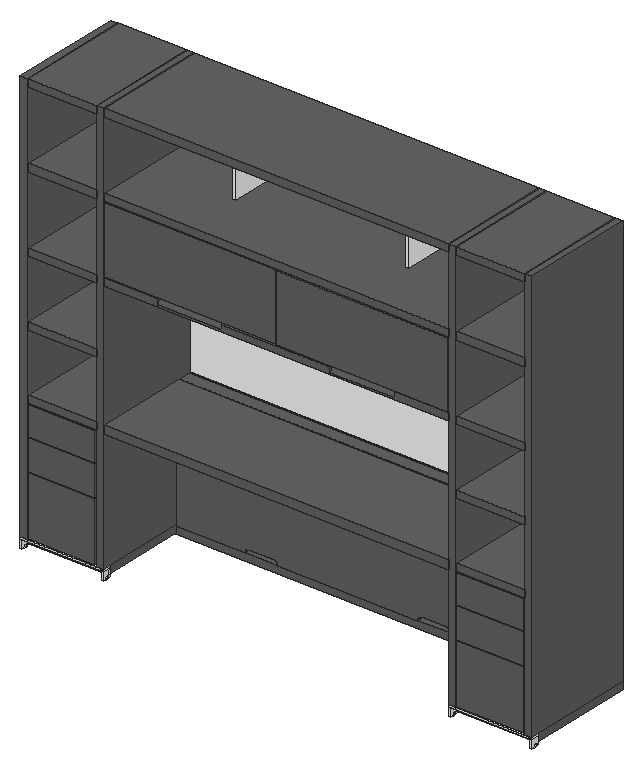
Revit family "Storage-Wall-Teknion-ZXDO_90_High_Without_Lights-R2011", category Furniture Systems, Revit 2013
Parameters (values of type "(See Type Catalog)")
  Working Wall Finish [instance] = Glass - Teknion - K6 - White Backpainted
  Width = 108 105/128"
  Warranty = "http://www.teknionstudio.com/pdfs/Teknion%20Studio%20Warranty.pdf"
  Wall Unit Finish [instance] = Veneer - Teknion - P7 - Grey Oak
  Unit Weight = 820.00 lbf
  URL = "www.teknionstudio.com"
  Right Storage Tower = Storage-Unit-Teknion-Tower : Upper Shelves & Box/Box/File Pedestal
  Series = "B&B Italia"
  Product Page URL = "http://www.teknionstudio.com/acexecutive/"
  Product Line = "AC Executive"
  Product Documentation Link = "http://www.teknionstudio.com/pricing/ac_executive_storage_walls_ppg.pdf"
  Part Number = "ZXDO"
  Model = ""
  Manufacturer Phone = "919-464-2920"
  Manufacturer Fax = "919-464-2927"
  Manufacturer Email = "customersupport@teknionstudio.com"
  Manufacturer Address = "3940 US 70 Business HWY West, Clayton, NC 27520"
  Manufacturer = "Teknion Studio"  # constant formula
  Low Emitting Material = yes
  Low Emitting Finish = yes
  Left Storage Tower = Storage-Unit-Teknion-Tower : Upper Shelves & Box/Box/File Pedestal
  Height = 89 123/128"
  Description = ""
  Depth = 24"
  Assembly Code = "E2020200"
Reference planes (in)
  plane 1 "Center F/B": y = 0
  plane 2: z = 0
  plane 3 "Center L/R": x = -8.08916
  plane 4 "Right": x = 46.321
  plane 5 "Back": y = 12
  plane 6 "Front": y = -12
  plane 7 "Doors Top": z = 73.80469
  plane 8: x = 28.60446
  plane 9: z = 29.68402
  plane 10: z = 56.1289
  plane 11: x = -44.78278
  plane 12: z = 2.1289
  plane 13 "Foot Centerline": y = -11.2126
  plane 14 "Foot Centerline Front": y = -10.22835
  plane 15 "Foot Centerline Back": y = 10.22835
  plane 16: y = -8.484
  plane 17 "Top": z = 89.96094
  plane 18 "Left": x = -62.49931
Forms (in)
  Sweep 1, solid, material "Veneer - Teknion - P7 - Grey Oak" <- "Wall Unit Finish"
    path origin (0, 0, 0) x (1, 0, 0) y (0, 0, 1)
      loop
        line (-44.78278, 29.68402) -> (28.60446, 29.68402)
    profile origin (-8.08916, 0, 29.68402) x (0, 0, 1) y (0, -1, 0)
      loop
        line (0, 12) -> (-1.7638, 12) -> (-1.7638, -7.11393) -> (-5.30827, -7.11393) -> (-5.30827, -7.08268) -> (-27.55512, -7.08268) -> (-27.55512, -7.11393) -> (-29.0945, -7.11393) -> (-29.0945, -12) -> (-27.55512, -12) -> (-27.55512, -7.80668) -> (-5.30828, -7.80668) -> (-5.30828, -12) -> (44.12067, -12) -> (44.12067, 12) -> (42.58097, 12) -> (42.58097, 11.2126) -> (27.98392, 11.2126) -> (27.98392, 12) -> (26.44488, 12) -> (26.44488, -10.94094) -> (0, -10.94094) -> (0, -10.90969) -> (-0.72441, -10.90969) -> (-0.72441, -10.56693) -> (0, -10.56693) -> (0, -8.05709) -> (-0.72441, -8.05709) -> (-0.72441, -7.80709) -> (0, -7.80709) -> (0, 12)
      loop
        line (60.27692, 12) -> (58.73755, 12) -> (58.73755, -12) -> (60.27692, -12) -> (60.27692, 12)
  Sweep 2, solid, material "Veneer - Teknion - P7 - Grey Oak" <- "Wall Unit Finish"
    path origin (0, 0, 15.40683) x (-1, 0, 0) y (0, -1, 0)
      loop
        line (8.08916, 12) -> (8.08916, 11.276)
    profile origin (-8.08916, -11.638, 15.40683) x (-1, 0, 0) y (0, 0, 1)
      loop
        line (36.44291, 42.50186) -> (36.44291, 56.60815) -> (0.125, 56.60815) -> (0.125, 42.50186) -> (36.44291, 42.50186)
      loop
        line (-0.125, 56.60815) -> (-36.44305, 56.60815) -> (-36.44305, 42.50186) -> (-0.125, 42.50186) -> (-0.125, 56.60815)
  Sweep 3, void
    path origin (0, 0, 0) x (1, 0, 0) y (0, 0, 1)
      loop
        line (-33.3248, 56.1289) -> (-19.54528, 56.1289)
    profile origin (-26.43504, 0, 56.1289) x (0, 0, 1) y (0, -1, 0)
      loop
        line (1.53937, 12) -> (0.43699, 12) -> (1.53937, 11.52755) -> (1.53937, 12)
  Sweep 4, void
    path origin (0, 0, 0) x (1, 0, 0) y (0, 0, 1)
      loop
        line (3.36882, 56.1289) -> (17.14835, 56.1289)
    profile origin (10.25858, 0, 56.1289) x (0, 0, 1) y (0, -1, 0)
      loop
        line (1.53937, 11.52755) -> (1.53937, 12) -> (0.43699, 12) -> (1.53937, 11.52755)
  Sweep 5, void
    path origin (0, 0, 15.40683) x (-1, 0, 0) y (0, -1, 0)
      loop
        line (8.08916, -7.80668) -> (8.08916, -7.08268)
    profile origin (-8.08916, 7.44468, 15.40683) x (1, 0, 0) y (0, 0, 1)
      loop
        line (21.77165, 8.96892) -> (14.88189, 8.96892) -> (14.88189, 8.10396)
        arc (14.88189, 8.10396) -> (15.11251, 7.54718) -> (15.66929, 7.31655) r 0.7874
        line (15.66929, 7.31655) -> (20.98425, 7.31655)
        arc (20.98425, 7.31655) -> (21.54103, 7.54718) -> (21.77165, 8.10396) r 0.7874
        line (21.77165, 8.10396) -> (21.77165, 8.96892)
      loop
        line (14.88189, -13.27793) -> (21.77165, -13.27793) -> (21.77165, -13.12045)
        arc (21.77165, -13.12045) -> (21.55256, -12.59152) -> (21.02362, -12.37242) r 0.74803
        line (21.02362, -12.37242) -> (15.62992, -12.37242)
        arc (15.62992, -12.37242) -> (15.10098, -12.59152) -> (14.88189, -13.12045) r 0.74803
        line (14.88189, -13.12045) -> (14.88189, -13.27793)
      loop
        line (-21.77165, 8.96892) -> (-21.77165, 8.10396)
        arc (-21.77165, 8.10396) -> (-21.54103, 7.54718) -> (-20.98425, 7.31655) r 0.7874
        line (-20.98425, 7.31655) -> (-15.66929, 7.31655)
        arc (-15.66929, 7.31655) -> (-15.11251, 7.54718) -> (-14.88189, 8.10396) r 0.7874
        line (-14.88189, 8.10396) -> (-14.88189, 8.96892) -> (-21.77165, 8.96892)
      loop
        line (-14.88189, -13.27793) -> (-14.88189, -13.12045)
        arc (-14.88189, -13.12045) -> (-15.10098, -12.59152) -> (-15.62992, -12.37242) r 0.74803
        line (-15.62992, -12.37242) -> (-21.02362, -12.37242)
        arc (-21.02362, -12.37242) -> (-21.55256, -12.59152) -> (-21.77165, -13.12045) r 0.74803
        line (-21.77165, -13.12045) -> (-21.77165, -13.27793) -> (-14.88189, -13.27793)
  Sweep 6, solid, material "Acrylic - Teknion - Clear"
    path origin (1.66728, 0, 16.32084) x (-1, 0, 0) y (0, -1, 0)
      loop
        line (9.75643, -11.25197) -> (9.75643, 0.16535)
    profile origin (-8.08916, 5.54331, 16.32084) x (1, 0, 0) y (0, 0, 1)
      loop
        line (-18.65699, 72.09054) -> (-18.65699, 57.48385) -> (-18.0625, 57.48385) -> (-18.0625, 72.09054) -> (-18.65699, 72.09054)
      loop
        line (18.0625, 72.09054) -> (18.0625, 57.48385) -> (18.65699, 57.48385) -> (18.65699, 72.09054) -> (18.0625, 72.09054)
Cuts and joins
  Sweep 3, Sweep 4, Sweep 5 cuts Sweep 1
Lines and regions (in)
  Masking region 1
    outline origin (0, 0, 15.40683) x (-1, 0, 0) y (0, -1, 0)
      loop
        line (44.78278, -12) -> (44.78278, 12) -> (-28.60446, 12) -> (-28.60446, -12) -> (44.78278, -12)
  symbolic lines, style "Elevation Swing"
    curve 1: line (-44.78278, -12, 57.66827) -> (-26.43568, -12, 72.01499)
    curve 2: line (-8.08823, -12, 57.66794) -> (-26.43568, -12, 72.01499)
    curve 3: line (-8.08823, 0, 57.66794) -> (10.19487, 0, 72.01499)
    curve 4: line (10.19487, 0, 72.01499) -> (28.60446, 0, 57.66827)
  symbolic lines, style "FurnitureSystemsHiddenLines", detail levels fine
    curve 5: line (28.60446, -11.276, 15.40683) -> (-44.78278, -11.276, 15.40683)
Dimensions and locks (in)
  "Width": plane 18 "Left" to plane 4 "Right"
  equal spacing: plane 5 "Back", plane 1 "Center F/B", plane 6 "Front"
  "Depth": plane 5 "Back" to plane 6 "Front"
  locked: plane 8 to plane 4 "Right" at 17.71654
  locked: plane 9 to plane 2 at 29.68402
  locked: plane 10 to plane 9 at 26.44488
  locked: plane 12 to plane 2 at 2.1289
  locked: plane 6 "Front" to plane 13 "Foot Centerline" at 0.7874
  locked: plane 12 to Sweep 1 sketch curve at 1.53939
  locked: plane 9 to Sweep 1 sketch curve at 1.7638
  locked: plane 6 "Front" to Sweep 2 sketch curve at 0.724
  plane 7 "Doors Top" to Sweep 2 sketch curve to Sweep 2 sketch curve = 1.7897" locked, 14.1063" locked  (x2)
  Sweep 2 sketch curve to Sweep 2 sketch curve to plane 3 "Center L/R" to Sweep 2 sketch curve to Sweep 2 sketch curve = 36.31805" locked, 1/8" locked, 1/8" locked, 36.31791" locked
  locked: Sweep 3 sketch curve to Sweep 3 sketch curve at 13.77953
  locked: Sweep 3 sketch curve to plane 10 at 1.53937
  locked: Sweep 3 sketch curve to plane 10 at 0.43699
  locked: plane 6 "Front" to Sweep 3 sketch curve at 0.47245
  Sweep 4 sketch curve to Sweep 4 sketch curve to plane 10 = 1.10238" locked, 0.43699" locked
  locked: plane 6 "Front" to Sweep 4 sketch curve at 0.47245
  locked: Sweep 5 sketch curve to plane 12 at 0.90551  (x2)
  Sweep 5 sketch curve to Sweep 5 sketch curve to plane 3 "Center L/R" = 6.88976" locked, 14.88189" locked  (x2)
  plane 9 to Sweep 5 sketch curve to Sweep 5 sketch curve = 5.30827" locked, 1 167/256" locked  (x2)
  plane 5 "Back" to Sweep 5 sketch curve to Sweep 5 sketch curve = 4.19332" locked, 0.724" locked
  locked: plane 6 "Front" to curve 5 at 0.724
  locked: plane 5 "Back" to plane 15 "Foot Centerline Back" at 1.77165
  locked: plane 6 "Front" to plane 14 "Foot Centerline Front" at 1.77165
  locked: plane 6 "Front" to plane 16 at 3.516
  locked: Sweep 5 sketch curve to Sweep 5 sketch curve at 6.88976  (x2)
  locked: Sweep 5 sketch curve to plane 3 "Center L/R" at 14.88189
  locked: plane 3 "Center L/R" to Sweep 5 sketch curve at 14.88189
  locked: plane 17 "Top" to plane 7 "Doors Top" at 16.15625
  "Height": plane 17 "Top" to plane 2
  locked: Sweep 6 sketch curve to Sweep 6 sketch curve at 11.41732
  locked: Sweep 6 sketch curve to Sweep 6 sketch curve at 0.59449  (x2)
  locked: plane 5 "Back" to Sweep 6 sketch curve at 0.74803
  Sweep 6 sketch curve to plane 3 "Center L/R" to Sweep 6 sketch curve = 18 1/16" locked, 18 1/16" locked
  locked: plane 17 "Top" to Sweep 1 sketch curve at 1.53937
  locked: plane 7 "Doors Top" to Sweep 1 sketch curve at 1.5397
  locked: Sweep 1 sketch curve to plane 10 at 1.53904
  locked: plane 18 "Left" to plane 11 at 17.71654
  equal spacing: plane 11, plane 3 "Center L/R", plane 8
  plane 8 to Sweep 4 sketch curve to Sweep 4 sketch curve = 11.45612" locked, 13.77953" locked
  locked: curve 2 to plane 11 at 18.3471
  locked: plane 8 to curve 4 at 18.4096
  aligned and locked: level to plane 2
  aligned and locked: nested 1 to plane 4 "Right"
  aligned and locked: plane 11 to Sweep 1 sketch curve
  aligned and locked: plane 8 to Sweep 1 sketch curve
  aligned and locked: Sweep 1 sketch curve to plane 9  (x4)
  aligned and locked: Sweep 1 sketch curve to plane 6 "Front"
  aligned and locked: plane 5 "Back" to Sweep 1 sketch curve
  aligned and locked: plane 3 "Center L/R" to Sweep 2 sketch curve
  aligned and locked: plane 6 "Front" to Sweep 2 sketch curve
  aligned and locked: Sweep 1 sketch curve to plane 10
  aligned and locked: Sweep 3 sketch curve to plane 10
  aligned and locked: Sweep 4 sketch curve to plane 10
  aligned and locked: Sweep 4 sketch curve to plane 6 "Front"
  aligned and locked: Sweep 5 sketch curve to plane 3 "Center L/R"
  aligned and locked: Sweep 5 sketch curve to plane 12
  aligned and locked: plane 11 to curve 1
  aligned and locked: Sweep 2 to curve 2
  aligned and locked: plane 8 to curve 4
  aligned and locked: Masking region 1 sketch curve to plane 5 "Back"
  aligned and locked: Masking region 1 sketch curve to plane 6 "Front"
  aligned and locked: Masking region 1 sketch curve to nested 1
  aligned and locked: plane 8 to curve 5
  aligned and locked: plane 6 "Front" to Sweep 3 sketch curve
  aligned and locked: Sweep 1 sketch curve to plane 7 "Doors Top"
  aligned and locked: plane 13 "Foot Centerline" to Sweep 1 sketch curve
  aligned and locked: plane 6 "Front" to Sweep 1 sketch curve  (x3)
  aligned and locked: plane 2 to nested 1
  aligned and locked: plane 1 "Center F/B" to nested 1
  aligned and locked: plane 12 to Sweep 5 sketch curve
  aligned and locked: Sweep 6 sketch curve to plane 3 "Center L/R"
  aligned and locked: plane 7 "Doors Top" to Sweep 6 sketch curve  (x2)
  aligned and locked: Sweep 1 sketch curve to plane 5 "Back"  (x2)
  aligned and locked: plane 17 "Top" to Sweep 1 sketch curve
  aligned and locked: plane 11 to Masking region 1 sketch curve
  aligned and locked: nested 2 to plane 18 "Left"
  aligned and locked: Sweep 1 sketch curve to plane 12
  aligned and locked: nested 2 to plane 17 "Top"
  aligned and locked: nested 2 to plane 5 "Back"
Automatic sketch dimensions
  curve 5 to plane 11 = 0"
  Sweep 5 sketch curve to Sweep 5 sketch curve = 0.74803"  (x4)
  Sweep 5 sketch curve to Sweep 5 sketch curve = 0.7874"  (x4)
  Sweep 6 sketch curve to Sweep 6 sketch curve = 14.60669"  (x2)
  plane 3 "Center L/R" to curve 2 = 0.00093"
  plane 10 to curve 1 = 1.53937"
  plane 10 to curve 2 = 1.53904"
  curve 4 to plane 7 "Doors Top" = 1.7897"
  plane 3 "Center L/R" to curve 3 = 0.00093"
  plane 10 to curve 4 = 1.53937"
  plane 10 to curve 3 = 1.53904"
  Sweep 1 sketch curve to Sweep 1 sketch curve = 1.53939"
  Sweep 1 sketch curve to Sweep 1 sketch curve = 3.54449"
  Sweep 1 sketch curve to Sweep 1 sketch curve = 0"
  profile plane to Sweep 1 sketch curve = 0.72441"  (x2)
  Sweep 1 sketch curve to Sweep 1 sketch curve = 1.05906"
  Sweep 1 sketch curve to Sweep 1 sketch curve = 1/32"  (x2)
  Sweep 1 sketch curve to Sweep 1 sketch curve = 0.34277"
  Sweep 1 sketch curve to Sweep 1 sketch curve = 2.50984"
  Sweep 1 sketch curve to Sweep 1 sketch curve = 1/4"
  Sweep 1 sketch curve to Sweep 1 sketch curve = 4.19332"
  Sweep 1 sketch curve to Sweep 1 sketch curve = 0.69316"
  Sweep 1 sketch curve to Sweep 1 sketch curve = 4.88607"
Nested families (in)
  nested 1: "Storage-Unit-Teknion-Tower" at (37.46273, 0, 0), type <- "Right Storage Tower", Height <- "Height", type "Upper Shelves & Box/Box/File Pedestal"
    with Height 89 123/128", Has Top Shelf yes, Has Right Leg yes, Has Left Leg yes, Bottom Drawer Height 13.047"
  nested 2: "Storage-Unit-Teknion-Tower" at (-53.64104, 0, 0) x (-1, 0, 0) z (0, 0, 1), type <- "Left Storage Tower", Height <- "Height", type "Upper Shelves & Box/Box/File Pedestal"
    with Height 89 123/128", Has Top Shelf yes, Has Right Leg yes, Has Left Leg yes, Bottom Drawer Height 13.047"
Definition of nested family "Storage-Unit-Teknion-Tower"
  Parameters (values of type "Upper Wardrobe & Lower Door")
    Width = 17.71654"
    Warranty = "http://www.teknionstudio.com/pdfs/Teknion%20Studio%20Warranty.pdf"
    Wall Unit Finish = Veneer - Teknion - P8 - Light Brushed Oak
    URL = "www.teknionstudio.com"
    Series = "B&B Italia"  # constant formula
    Product Line = "AC Executive"  # constant formula
    Model = ""
    Middle Drawer Height = if(Has Top Drawer, 6.425", 12.719")  # 12.719"
    Manufacturer Phone = "919-464-2920"
    Manufacturer Fax = "919-464-2927"
    Manufacturer Email = "customersupport@teknionstudio.com"
    Manufacturer Address = "3940 US 70 Business HWY West, Clayton, NC 27520"
    Manufacturer = "Teknion Studio"  # constant formula
    Height [instance] = 73.81394"
    Has Top Shelf [instance] = and(Height > 75", Has Shelves)  # no
    Has Top Drawer = no
    Has Top Door = yes
    Has Shelves = no
    Has Right Leg [instance] = yes
    Has Middle Drawer = no
    Has Lower Shelf = yes
    Has Left Leg [instance] = no
    Has Full Wardrobe Door = no
    Has Doors = yes
    Door Projection Symbol = yes
    Description = "Tower Storage Unit"
    Depth = 24"
    Bottom Drawer Height [instance] = if(Has Middle Drawer, 13.047", if(Has Top Drawer, 13.047", if(Has Full Wardrobe Door, (Height - 3.668"), 26.016")))  # 26.016"
    Assembly Code = "E2010200"
  Types (7): name | Middle Drawer Height | Has Top Drawer | Has Top Door | Has Shelves | Has Middle Drawer | Has Lower Shelf | Has Full Wardrobe Door | Has Doors | Door Projection Symbol | Bottom Drawer Height
    Upper Shelves & Lower Door | 12.719" | no | no | yes | no | yes | no | yes | yes | 26.016"
    Upper Shelves & File/File Pedestal | 12.719" | no | no | yes | yes | yes | no | no | no | 13.047"
    Upper Shelves & Box/Box/File Pedestal | 6.425" | yes | no | yes | yes | yes | yes | no | no | 13.047"
    Full Wardrobe | 12.719" | no | no | no | no | no | yes | yes | yes | 70.14594"
    Upper Wardrobe & Lower Door | 12.719" | no | yes | no | no | yes | no | yes | yes | 26.016"
    Upper Wardrobe & File/File Pedestal | 12.719" | no | yes | no | yes | yes | no | no | yes | 13.047"
    Upper Wardrobe & Box/Box/File Pedestal | 6.425" | yes | yes | no | yes | yes | no | no | yes | 13.047"
  Reference planes (in)
    plane 1 "Center F/B": y = 0
    plane 2: z = 0
    plane 3 "Center L/R": x = 0
    plane 4 "Left": x = -8.85827
    plane 5 "Right": x = 8.85827
    plane 6 "Back": y = 12
    plane 7 "Front": y = -12
    plane 8 "Top": z = 73.81394
    plane 9: x = -7.3189
    plane 10: x = 7.3189
    plane 11: z = 2.1289
    plane 12 "Foot Centerline": y = -11.2126
    plane 13: z = 29.68402
    plane 14 "Drawer 1 Top": z = 28.1449
    plane 15 "Drawer 2 Top": z = 40.8639
    plane 16 "Drawer 3 Top": z = 27.89502
    plane 17: z = 42.13677
  Forms (in)
    Sweep 1, solid, material "Metal - Teknion - C6 - Chrome", visible <- "Has Left Leg"
      path origin (0, -12, 0) x (1, 0, 0) y (0, 0, 1)
        loop
          line (-8.85827, 1.7349) -> (-8.85827, 0.05803)
      profile origin (-8.85827, -12, 0.89646) x (0, -1, 0) y (1, 0, 0)
        loop
          line (-1.5748, 0) -> (0, 0) -> (0, 0.394) -> (-1.5748, 0.394) -> (-1.5748, 0)
    Sweep 2, solid, material "Metal - Teknion - C6 - Chrome"
      path origin (0, -12, 0) x (1, 0, 0) y (0, 0, 1)
        loop
          line (-8.85827, 2.1289) -> (8.46427, 2.1289)
      profile origin (-0.197, -12, 2.1289) x (0, 0, 1) y (0, -1, 0)
        loop
          line (-0.394, -1.5748) -> (-0.394, -1.3778) -> (-1.575, -1.3778) -> (-1.575, -1.5748) -> (-0.394, -1.5748)
    Revolve 3, solid, material "Metal - Teknion - C6 - Chrome"
      sketch origin (0, -11.2126, 0) x (0, 0, -1) y (1, 0, 0)
        loop
          line (-0.4911, 8.32677) -> (-0.45173, 8.2874) -> (-0.28492, 8.2874) -> (-0.24555, 8.32677) -> (-0.20618, 8.2874) -> (-0.03937, 8.2874) -> (0, 8.32677) -> (0, 8.66142) -> (-0.4911, 8.66142) -> (-0.4911, 8.32677)
        axis (0, 8.66142) -> (-0.4911, 8.66142)
      angle from 0 to 360
    Revolve 4, solid, material "Metal - Teknion - C6 - Chrome", visible <- "Has Left Leg"
      sketch origin (0, -11.2126, 0) x (0, 0, -1) y (1, 0, 0)
        loop
          line (0, -8.99606) -> (0, -8.66142) -> (-0.4911, -8.66142) -> (-0.4911, -8.99606) -> (-0.45173, -9.03543) -> (-0.28492, -9.03543) -> (-0.24555, -8.99606) -> (-0.20618, -9.03543) -> (-0.03937, -9.03543) -> (0, -8.99606)
        axis (0, -8.66142) -> (-0.4911, -8.66142)
      angle from 0 to 360
    Sweep 5, solid, material "Veneer - Teknion - P8 - Light Brushed Oak" <- "Wall Unit Finish"
      path origin (0, 0, 0) x (1, 0, 0) y (0, 0, 1)
        loop
          line (0, 2.1289) -> (0, 73.81394)
      profile origin (0, 0, 37.97142) x (-1, 0, 0) y (0, -1, 0)
        loop
          line (8.85827, -12) -> (8.85827, 12) -> (7.3189, 12) -> (7.3189, -12) -> (8.85827, -12)
        loop
          line (-7.3189, 12) -> (-8.85827, 12) -> (-8.85827, -12) -> (-7.3189, -12) -> (-7.3189, 12)
    Sweep 6, solid, material "Veneer - Teknion - P8 - Light Brushed Oak" <- "Wall Unit Finish"
      path origin (0, 0, 15.40683) x (-1, 0, 0) y (0, -1, 0)
        loop
          line (0, -12) -> (0, 12)
      profile origin (0, 0, 15.40683) x (1, 0, 0) y (0, 0, 1)
        loop
          line (-7.3189, 58.4071) -> (-7.3189, 56.86773) -> (7.3189, 56.86773) -> (7.3189, 58.4071) -> (-7.3189, 58.4071)
    Sweep 7, solid, material "Veneer - Teknion - P8 - Light Brushed Oak" <- "Wall Unit Finish"
      path origin (0, -12, 0) x (1, 0, 0) y (0, 0, 1)
        loop
          line (0, 2.1289) -> (0, 72.27457)
      profile origin (0, -12, 37.20173) x (-1, 0, 0) y (0, -1, 0)
        loop
          line (7.3189, -24) -> (7.3189, -23.25) -> (-7.3189, -23.25) -> (-7.3189, -24) -> (7.3189, -24)
    Sweep 8, solid, material "Veneer - Teknion - P8 - Light Brushed Oak" <- "Wall Unit Finish", visible <- "Has Lower Shelf"
      path origin (0, -12, 0) x (1, 0, 0) y (0, 0, 1)
        loop
          line (-7.3189, 29.68402) -> (7.3189, 29.68402)
      profile origin (0, -12, 29.68402) x (0, 0, 1) y (0, -1, 0)
        loop
          line (0, 0) -> (-1.539, 0) -> (-1.539, -0.724) -> (-27.55512, -0.724) -> (-27.55512, -23.25) -> (0, -23.25) -> (0, 0)
    Sweep 9, solid, material "Veneer - Teknion - P8 - Light Brushed Oak" <- "Wall Unit Finish"
      path origin (0, -12, 0) x (1, 0, 0) y (0, 0, 1)
        loop
          line (0, 2.3789) -> (0, 27.8949)
      profile origin (0, -12, 15.1369) x (-1, 0, 0) y (0, -1, 0)
        loop
          line (7.0689, -0.724) -> (7.0689, 0) -> (-7.0689, 0) -> (-7.0689, -0.724) -> (7.0689, -0.724)
    Sweep 10, solid, material "Veneer - Teknion - P8 - Light Brushed Oak" <- "Wall Unit Finish", visible <- "Has Middle Drawer"
      path origin (0, -12, 0) x (1, 0, 0) y (0, 0, 1)
        loop
          line (0, 28.1449) -> (0, 40.8639)
      profile origin (0, -12, 34.5044) x (-1, 0, 0) y (0, -1, 0)
        loop
          line (7.0689, -0.724) -> (7.0689, 0) -> (-7.0689, 0) -> (-7.0689, -0.724) -> (7.0689, -0.724)
    Sweep 11, solid, material "Veneer - Teknion - P8 - Light Brushed Oak" <- "Wall Unit Finish", visible <- "Has Top Drawer"
      path origin (0, -12, 0) x (1, 0, 0) y (0, 0, 1)
        loop
          line (0, 47.15802) -> (0, 41.1139)
      profile origin (0, -12, 44.13596) x (0, -1, 0) y (1, 0, 0)
        loop
          line (0, 7.0689) -> (-0.724, 7.0689) -> (-0.724, -7.0689) -> (0, -7.0689) -> (0, 7.0689)
    Sweep 12, solid, material "Veneer - Teknion - P8 - Light Brushed Oak" <- "Wall Unit Finish", visible <- "Has Shelves"
      path origin (0, -12, 0) x (1, 0, 0) y (0, 0, 1)
        loop
          line (0, 42.13677) -> (0, 43.67614)
      profile origin (0, -12, 42.90646) x (-1, 0, 0) y (0, -1, 0)
        loop
          line (7.3189, -23.25) -> (7.3189, 0) -> (-7.3189, 0) -> (-7.3189, -23.25) -> (7.3189, -23.25)
    Sweep 13, solid, material "Veneer - Teknion - P8 - Light Brushed Oak" <- "Wall Unit Finish", visible <- "Has Shelves"
      path origin (0, -12, 13.9918) x (1, 0, 0) y (0, 0, 1)
        loop
          line (0, 42.13677) -> (0, 43.67614)
      profile origin (0, -12, 56.89825) x (-1, 0, 0) y (0, -1, 0)
        loop
          line (7.3189, -23.25) -> (7.3189, 0) -> (-7.3189, 0) -> (-7.3189, -23.25) -> (7.3189, -23.25)
    Sweep 14, solid, material "Veneer - Teknion - P8 - Light Brushed Oak" <- "Wall Unit Finish", visible <- "Has Top Door"
      path origin (0, -12, 0) x (1, 0, 0) y (0, 0, 1)
        loop
          line (0, 29.93402) -> (0, 72.02457)
      profile origin (0, -12, 50.97929) x (-1, 0, 0) y (0, -1, 0)
        loop
          line (7.0689, -0.724) -> (7.0689, 0) -> (-7.0689, 0) -> (-7.0689, -0.724) -> (7.0689, -0.724)
    Sweep 15, solid, material "Veneer - Teknion - P8 - Light Brushed Oak" <- "Wall Unit Finish"
      path origin (0, -12, 0) x (1, 0, 0) y (0, 0, 1)
        loop
          line (-8.85827, 2.1289) -> (8.85827, 2.1289)
      profile origin (0, -12, 2.1289) x (0, 0, 1) y (0, -1, 0)
        loop
          line (0, -1.5748) -> (-1.53937, -1.5748) -> (-1.53937, -24) -> (0, -24) -> (0, -1.5748)
    Sweep 16, solid, material "Veneer - Teknion - P8 - Light Brushed Oak" <- "Wall Unit Finish", visible <- "Has Top Shelf"
      path origin (0, 0, 0) x (1, 0, 0) y (0, 0, 1)
        loop
          line (0, 73.81394) -> (0, 72.27457)
      profile origin (0, 0, 73.04425) x (0, -1, 0) y (1, 0, 0)
        loop
          line (-11.25, -7.3189) -> (12, -7.3189) -> (12, 7.3189) -> (-11.25, 7.3189) -> (-11.25, -7.3189)
    Sweep 17, solid, material "Metal - Teknion - C6 - Chrome"
      path origin (0, 0, 0) x (1, 0, 0) y (0, 0, 1)
        loop
          line (-8.85827, 2.1289) -> (8.85827, 2.1289)
      profile origin (0, 0, 2.1289) x (0, 0, 1) y (0, -1, 0)
        loop
          line (0, 10.4252) -> (0, 12) -> (-0.394, 12) -> (-0.394, 10.4252) -> (0, 10.4252)
    Sweep 18, solid, material "Metal - Teknion - C6 - Chrome"
      path origin (0, 0, 0) x (1, 0, 0) y (0, 0, 1)
        loop
          line (8.85827, 1.7349) -> (8.85827, 0.05803)
      profile origin (8.85827, 0, 0.89646) x (0, -1, 0) y (1, 0, 0)
        loop
          line (10.4252, -0.394) -> (12, -0.394) -> (12, 0) -> (10.4252, 0) -> (10.4252, -0.394)
  Lines and regions (in)
    Masking region 1
      outline origin (0, 0, 15.40683) x (-1, 0, 0) y (0, -1, 0)
        loop
          line (8.85827, -12) -> (8.85827, 12) -> (-8.85827, 12) -> (-8.85827, -12) -> (8.85827, -12)
    symbolic lines, style "FurnitureSystems", detail levels medium+fine
      curve 1: line (-7.3189, 12, 15.40683) -> (-7.3189, -12, 15.40683)
      curve 2: line (7.3189, 12, 15.40683) -> (7.3189, -12, 15.40683)
    symbolic lines, style "FurnitureSystemsHiddenLines", detail levels fine
      curve 3: line (-7.3189, -11.276, 15.40683) -> (7.3189, -11.276, 15.40683)
    symbolic lines, style "Elevation Swing", visible <- "Has Doors"
      curve 4: line (-7.3189, -12, 2.1289) -> (7.3189, -12, 15.1369)
      curve 5: line (7.3189, -12, 15.1369) -> (-7.3189, -12, 28.1449)
    symbolic lines, style "Elevation Swing", visible <- "Has Top Door"
      curve 6: line (-7.3189, -12, 29.68402) -> (7.3189, -12, 50.97929)
      curve 7: line (7.3189, -12, 50.97929) -> (-7.3189, -12, 72.27457)
    symbolic lines, style "FurnitureSystems", visible <- "Door Projection Symbol"
      curve 8: arc (-7.3189, -12, 0) -> (-3.03159, -22.35048, 0) -> (7.3189, -26.6378, 0) r 14.6378
    symbolic lines, visible <- "Door Projection Symbol"
      curve 9: line (7.3189, -12, 15.40683) -> (7.3189, -26.6378, 15.40683)
  Dimensions and locks (in)
    equal spacing: plane 4 "Left", plane 3 "Center L/R", plane 5 "Right"
    "Width": plane 4 "Left" to plane 5 "Right"
    equal spacing: plane 6 "Back", plane 1 "Center F/B", plane 7 "Front"
    "Depth": plane 6 "Back" to plane 7 "Front"
    locked: plane 4 "Left" to plane 9 at 1.53937
    locked: plane 10 to plane 5 "Right" at 1.53937
    "Height": plane 8 "Top" to level
    locked: Sweep 1 sketch curve to level at 0.05803
    locked: plane 11 to plane 2 at 2.1289
    plane 11 to Sweep 2 sketch curve to Sweep 2 sketch curve = 0.394" locked, 1.181" locked
    plane 7 "Front" to Sweep 2 sketch curve to Sweep 2 sketch curve = 1.3778" locked, 0.197" locked
    locked: Revolve 3 sketch curve to plane 2 at 0.4911  (x2)
    locked: plane 5 "Right" to Revolve 3 sketch curve at 0.57087
    locked: plane 7 "Front" to plane 12 "Foot Centerline" at 0.7874
    Revolve 3 sketch curve to Revolve 3 sketch curve to Revolve 3 sketch curve to Revolve 3 sketch curve to plane 2 = 0.16681" locked, 0.07874" locked, 0.16681" locked, 0.03937" locked
    locked: Revolve 4 sketch curve to plane 2 at 0.4911  (x2)
    locked: Revolve 4 sketch curve to Revolve 4 sketch curve at 0.37402
    Revolve 4 sketch curve to Revolve 4 sketch curve to Revolve 4 sketch curve to Revolve 4 sketch curve to plane 2 = 0.16681" locked, 0.07874" locked, 0.16681" locked, 0.03937" locked
    locked: Revolve 4 sketch curve to plane 4 "Left" at 0.19685
    locked: plane 8 "Top" to Sweep 6 sketch curve at 1.53937
    locked: plane 8 "Top" to Sweep 7 sketch curve at 1.53937
    locked: plane 6 "Back" to Sweep 7 sketch curve at 0.75
    locked: plane 13 to plane 2 at 29.68402
    locked: plane 7 "Front" to Sweep 8 sketch curve at 0.724
    locked: plane 13 to Sweep 8 sketch curve at 1.539
    locked: plane 13 to plane 16 "Drawer 3 Top" at 1.789
    "Bottom Drawer Height": plane 14 "Drawer 1 Top" to plane 11
    "Middle Drawer Height": plane 15 "Drawer 2 Top" to plane 14 "Drawer 1 Top"
    locked: plane 14 "Drawer 1 Top" to Sweep 9 sketch curve at 0.25
    locked: plane 7 "Front" to Sweep 9 sketch curve at 0.724
    locked: Sweep 10 sketch curve to plane 12 "Foot Centerline" at 0.0634
    locked: plane 7 "Front" to Sweep 11 sketch curve at 0.724
    locked: plane 17 to plane 13 at 12.45276
    group 1 to group 2 = 0"  (x2)
    group 1 to group 2 = 13.9918"
    locked: Sweep 13 to plane 17 at 13.9918
    locked: plane 8 "Top" to Sweep 14 sketch curve at 1.78937
    locked: Sweep 14 sketch curve to plane 13 at 0.25
    locked: plane 7 "Front" to Sweep 14 sketch curve at 0.724
    locked: plane 11 to Sweep 15 sketch curve at 1.53937
    locked: plane 7 "Front" to Sweep 15 sketch curve at 1.5748
    equal spacing: Sweep 6, curve 7, plane 13
    equal spacing: plane 14 "Drawer 1 Top", curve 5, plane 11
    locked: plane 6 "Back" to Sweep 16 sketch curve at 0.75
    Sweep 16 sketch curve to Sweep 16 sketch curve to plane 2 = 1.53937" locked, 72.27457" locked
    locked: Sweep 9 sketch curve to plane 11 at 0.25
    locked: plane 9 to Sweep 9 sketch curve at 0.25
    locked: Sweep 9 sketch curve to plane 10 at 0.25
    locked: Sweep 11 sketch curve to plane 15 "Drawer 2 Top" at 0.25
    locked: plane 9 to Sweep 11 sketch curve at 0.25
    locked: Sweep 11 sketch curve to plane 10 at 0.25
    locked: Sweep 10 sketch curve to plane 10 at 0.25
    locked: plane 9 to Sweep 10 sketch curve at 0.25
    locked: Sweep 11 sketch curve to Sweep 11 sketch curve at 6.04412
    locked: Sweep 14 sketch curve to plane 10 at 0.25
    locked: plane 9 to Sweep 14 sketch curve at 0.25
    locked: plane 4 "Left" to Sweep 1 sketch curve at 0.394
    locked: plane 7 "Front" to Sweep 1 sketch curve at 1.5748
    locked: plane 11 to Sweep 1 sketch curve at 0.394
    locked: Sweep 17 sketch curve to plane 7 "Front" at 1.5748
    locked: plane 11 to Sweep 17 sketch curve at 0.394
    locked: Sweep 18 sketch curve to plane 2 at 0.05803
    locked: Sweep 18 sketch curve to plane 5 "Right" at 0.394
    locked: plane 7 "Front" to Sweep 18 sketch curve at 1.5748
    locked: plane 11 to Sweep 18 sketch curve at 0.394
    locked: plane 5 "Right" to Sweep 2 sketch curve at 0.394
    aligned and locked: level to plane 2
    aligned and locked: Sweep 1 sketch curve to plane 4 "Left"
    aligned and locked: Sweep 2 sketch curve to plane 11
    aligned and locked: plane 2 to Revolve 3 sketch curve
    aligned and locked: Revolve 3 sketch curve to plane 2
    aligned and locked: plane 2 to Revolve 4 sketch curve
    aligned and locked: Revolve 4 sketch curve to plane 2
    aligned and locked: plane 8 "Top" to Sweep 5 sketch curve
    aligned and locked: plane 11 to Sweep 5 sketch curve
    aligned and locked: plane 3 "Center L/R" to Sweep 5 sketch curve
    aligned and locked: Sweep 5 sketch curve to plane 6 "Back"
    aligned and locked: plane 6 "Back" to Sweep 5 sketch curve
    aligned and locked: Sweep 5 sketch curve to plane 10
    aligned and locked: plane 5 "Right" to Sweep 5 sketch curve
    aligned and locked: Sweep 5 sketch curve to plane 9
    aligned and locked: plane 4 "Left" to Sweep 5 sketch curve
    aligned and locked: Sweep 5 sketch curve to plane 7 "Front"
    aligned and locked: plane 7 "Front" to Sweep 5 sketch curve
    aligned and locked: plane 6 "Back" to Sweep 6 sketch curve
    aligned and locked: plane 7 "Front" to Sweep 6 sketch curve
    aligned and locked: Sweep 6 sketch curve to plane 3 "Center L/R"
    aligned and locked: plane 9 to Sweep 6 sketch curve
    aligned and locked: Sweep 6 sketch curve to plane 8 "Top"
    aligned and locked: Sweep 6 sketch curve to plane 10
    aligned and locked: plane 11 to Sweep 7 sketch curve
    aligned and locked: plane 3 "Center L/R" to Sweep 7 sketch curve
    aligned and locked: plane 9 to Sweep 7 sketch curve
    aligned and locked: Sweep 7 sketch curve to plane 10
    aligned and locked: Sweep 7 sketch curve to plane 6 "Back"
    aligned and locked: plane 9 to Sweep 8 sketch curve
    aligned and locked: plane 10 to Sweep 8 sketch curve
    aligned and locked: Sweep 8 sketch curve to plane 13  (x2)
    aligned and locked: plane 7 "Front" to Sweep 8 sketch curve
    aligned and locked: Sweep 8 sketch curve to plane 11
    aligned and locked: plane 3 "Center L/R" to Sweep 9 sketch curve
    aligned and locked: Sweep 9 sketch curve to plane 7 "Front"
    aligned and locked: plane 15 "Drawer 2 Top" to Sweep 10 sketch curve
    aligned and locked: plane 14 "Drawer 1 Top" to Sweep 10 sketch curve
    aligned and locked: plane 3 "Center L/R" to Sweep 10 sketch curve
    aligned and locked: plane 7 "Front" to Sweep 10 sketch curve
    aligned and locked: Sweep 11 sketch curve to plane 3 "Center L/R"
    aligned and locked: Sweep 11 sketch curve to plane 7 "Front"
    aligned and locked: Sweep 13 to plane 9
    aligned and locked: plane 3 "Center L/R" to Sweep 14 sketch curve
    aligned and locked: Sweep 14 sketch curve to plane 7 "Front"
    aligned and locked: plane 4 "Left" to Sweep 15 sketch curve
    aligned and locked: plane 5 "Right" to Sweep 15 sketch curve
    aligned and locked: Sweep 15 sketch curve to plane 11  (x2)
    aligned and locked: Sweep 15 sketch curve to plane 6 "Back"
    aligned and locked: plane 4 "Left" to Masking region 1 sketch curve
    aligned and locked: Masking region 1 sketch curve to plane 6 "Back"
    aligned and locked: Masking region 1 sketch curve to plane 5 "Right"
    aligned and locked: Masking region 1 sketch curve to plane 7 "Front"
    aligned and locked: plane 6 "Back" to curve 1
    aligned and locked: curve 1 to plane 9
    aligned and locked: plane 7 "Front" to curve 2
    aligned and locked: plane 6 "Back" to curve 2
    aligned and locked: curve 2 to plane 10
    aligned and locked: plane 9 to curve 3
    aligned and locked: plane 10 to curve 3
    aligned and locked: curve 3 to Sweep 14
    aligned and locked: plane 11 to curve 4
    aligned and locked: plane 9 to curve 4
    aligned and locked: plane 10 to curve 5
    aligned and locked: plane 9 to curve 5
    aligned and locked: plane 14 "Drawer 1 Top" to curve 5
    aligned and locked: plane 13 to curve 6
    aligned and locked: plane 9 to curve 6
    aligned and locked: plane 9 to curve 7
    aligned and locked: curve 7 to Sweep 6
    aligned and locked: plane 7 "Front" to curve 8
    aligned and locked: curve 8 to plane 10
    aligned and locked: Sweep 16 sketch curve to plane 3 "Center L/R"
    aligned and locked: plane 9 to Sweep 16 sketch curve
    aligned and locked: Sweep 16 sketch curve to plane 10
    aligned and locked: Sweep 16 sketch curve to plane 7 "Front"
    aligned and locked: plane 4 "Left" to Sweep 17 sketch curve
    aligned and locked: plane 5 "Right" to Sweep 17 sketch curve
    aligned and locked: Sweep 17 sketch curve to plane 11  (x2)
    aligned and locked: Sweep 17 sketch curve to plane 7 "Front"
    aligned and locked: Sweep 18 sketch curve to plane 5 "Right"  (x2)
    aligned and locked: Sweep 18 sketch curve to plane 7 "Front"
    aligned and locked: plane 4 "Left" to Sweep 2 sketch curve
  Automatic sketch dimensions
    Revolve 3 sketch curve to Revolve 3 sketch curve = 0.03937"  (x3)
    Revolve 3 sketch curve to Revolve 3 sketch curve = 0"  (x2)
    Revolve 3 sketch curve to plane 5 "Right" = 0.19685"
    Revolve 4 sketch curve to Revolve 4 sketch curve = 0.03937"  (x3)
    Revolve 4 sketch curve to Revolve 4 sketch curve = 0"  (x2)
    Sweep 12 sketch curve to Sweep 12 sketch curve = 1.53937"
    profile plane to Sweep 12 sketch curve = 0"
    profile plane to Sweep 12 sketch curve = 7.3189"
    Sweep 12 sketch curve to profile plane = 7.3189"
    Sweep 12 sketch curve to profile plane = 23 1/4"
    Sweep 13 sketch curve to Sweep 13 sketch curve = 1.53937"
    profile plane to Sweep 13 sketch curve = 0"
    profile plane to Sweep 13 sketch curve = 7.3189"
    Sweep 13 sketch curve to profile plane = 7.3189"
    Sweep 13 sketch curve to profile plane = 23 1/4"
    Sweep 8 sketch curve to Sweep 8 sketch curve = 22.526"
    curve 7 to plane 10 = 0"
    curve 8 to plane 9 = 0"
    plane 7 "Front" to curve 1 = 0"
    plane 7 "Front" to curve 9 = 14.6378"
    Sweep 1 sketch curve to profile plane = 0"
    plane 7 "Front" to Sweep 1 sketch curve = 0"
